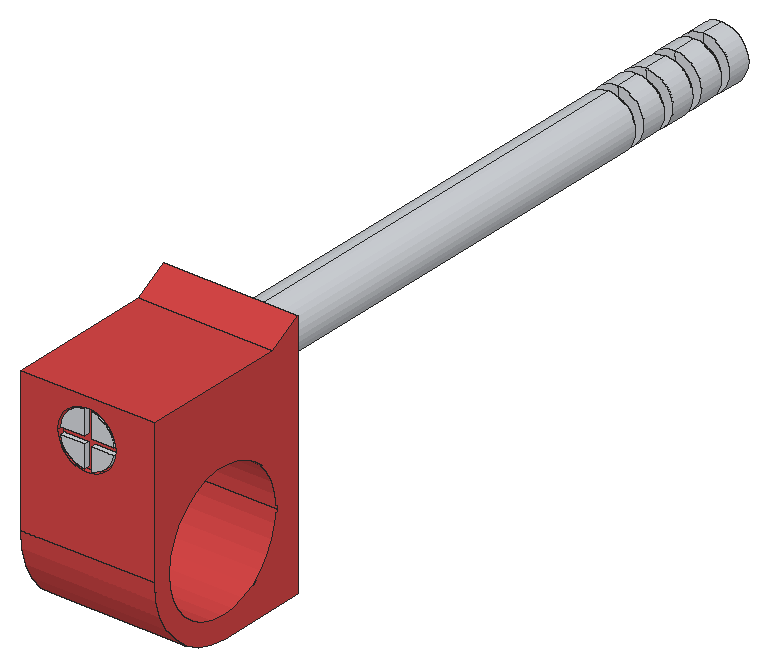
Revit family "PA_SEQ_BuddyBat_15mm", category Pipe Accessories, Revit 2016
Family settings
  Part Type = Normal
  Round Connector Dimension = Use Diameter
  Work Plane-Based = No
  Always vertical = Yes
  Cut with Voids When Loaded = No
  Shared = No
Parameters (values of type "15mm BuddyBats")
  URL for TCP = "http://www.tcpbim.co.za"
  URL = "https://seaqual.co.za/search?type=product&q=15mm+BuddyBats"
  Type Comments = "BuddyBats 15mm"
  Red Plastic = Red Plastic
  Model = "15mm BuddyBats"
  Manufacturer = "Seaqual"
  Made by = "Tolani Civil Projects cc"
  BuddyBat Height = 600 mm
  ASAQS Code = "1.110.95"
Reference planes
  plane 1 "Center (Front/Back)": y = 0
  plane 2: z = 0
  plane 3 "Center (Left/Right)": x = 0
  plane 4: z = 600
  plane 5: x = -7.5
  plane 6: x = 7.5
  plane 7: z = 611.658
  plane 8: y = 70
  plane 9: z = 614.658
  plane 10: z = 608.658
  plane 11: y = 66
  plane 12: y = 62
  plane 13: y = 58
  plane 14: y = 54
  plane 15: y = -19.375
Forms (mm)
  Extrusion 1, solid, material "Red Plastic" <- "Red Plastic"
    sketch origin (0, 0, 0) x (0, 1, 0) y (0, 0, 1)
      loop
        circle (-10.5, 600) r 7.5
      loop
        line (0, 590.107) -> (0, 618) -> (-3.464, 616) -> (-20, 616) -> (-20, 600)
        arc (-20, 600) -> (-17.102, 593.004) -> (-10.107, 590.107) r 9.893
        line (-10.107, 590.107) -> (0, 590.107)
    from -7.5 to 7.5
  Revolve 2, solid
    sketch origin (0, 0, 0) x (0, 1, 0) y (0, 0, 1)
      loop
        line (0, 614.658) -> (0, 611.658) -> (70, 611.658) -> (68.537, 614.658) -> (66, 614.658) -> (66, 613.4) -> (64.742, 614.658) -> (62, 614.658) -> (62, 613.4) -> (60.742, 614.658) -> (58, 614.658) -> (58, 613.4) -> (56.742, 614.658) -> (54, 614.658) -> (54, 613.4) -> (52.742, 614.658) -> (0, 614.658)
      axis (0, 611.658) -> (70, 611.658)
    angle from 0 to 360
  Extrusion 3, void
    sketch origin (0, 0, 0) x (1, 0, 0) y (0, 0, 1)
      loop
        circle (0, 611.658) r 3.256
    from 19.375 to 20
  Extrusion 4, solid
    sketch origin (0, 0, 0) x (1, 0, 0) y (0, 0, 1)
      loop
        arc (-0.294, 614.689) -> (-2.144, 613.821) -> (-3.022, 611.976) r 3.03
        line (-3.022, 611.976) -> (-0.294, 611.976) -> (-0.294, 614.689)
      loop
        arc (0.5, 608.712) -> (2.122, 609.546) -> (2.966, 611.164) r 3.012
        line (2.966, 611.164) -> (0.5, 611.164) -> (0.5, 608.712)
      loop
        line (0.5, 614.66) -> (0.5, 611.976) -> (2.996, 611.976)
        arc (2.996, 611.976) -> (2.202, 613.74) -> (0.5, 614.66) r 3.018
      loop
        arc (-2.998, 611.164) -> (-2.07, 609.471) -> (-0.294, 608.715) r 2.948
        line (-0.294, 608.715) -> (-0.294, 611.164) -> (-2.998, 611.164)
    from 19.375 to 20
Cuts and joins
  Extrusion 3 cuts Extrusion 1
Dimensions and locks
  "BuddyBat Height": plane 4 to plane 2
  locked: plane 1 "Center (Front/Back)" to Extrusion 1 sketch curve at 3
  locked: plane 5 to plane 3 "Center (Left/Right)" at 7.5
  locked: plane 6 to plane 3 "Center (Left/Right)" at 7.5
  Extrusion 1 sketch curve to Extrusion 1 sketch curve to plane 4 to Extrusion 1 sketch curve = 2 mm locked, 16 mm locked, 9.893 mm locked
  plane 1 "Center (Front/Back)" to Extrusion 1 sketch curve to Extrusion 1 sketch curve = 3.464 mm locked, 16.536 mm locked
  locked: plane 8 to Extrusion 1 at 70
  plane 10 to plane 7 to plane 9 = 3 mm locked, 3 mm locked
  Revolve 2 sketch curve to Revolve 2 sketch curve to Revolve 2 sketch curve to Revolve 2 sketch curve to plane 9 = 0 mm locked, 0 mm locked, 0 mm locked, 1.258 mm locked
  plane 15 to Extrusion 1 = 0.625 mm
  locked: plane 7 to plane 4 at 11.658
  aligned and locked: level to plane 2
  aligned and locked: plane 5 to Extrusion 1
  aligned and locked: Extrusion 1 to plane 6
  aligned and locked: plane 9 to Revolve 2 sketch curve
  aligned and locked: plane 1 "Center (Front/Back)" to Revolve 2 sketch curve
  aligned and locked: plane 7 to Revolve 2 sketch curve
  aligned and locked: Revolve 2 sketch curve to plane 9  (x3)
  aligned and locked: Revolve 2 sketch curve to plane 8
  aligned and locked: plane 11 to Revolve 2 sketch curve
  aligned and locked: plane 12 to Revolve 2 sketch curve
  aligned and locked: plane 13 to Revolve 2 sketch curve
  aligned and locked: plane 14 to Revolve 2 sketch curve
  aligned and locked: Revolve 2 sketch curve to plane 7
  aligned and locked: Extrusion 1 to Extrusion 3
  aligned and locked: plane 15 to Extrusion 3
  aligned and locked: plane 15 to Extrusion 4
Automatic sketch dimensions
  Extrusion 1 sketch curve to plane 4 = 0 mm  (x2)
  Extrusion 1 sketch curve to plane 1 "Center (Front/Back)" = 0 mm
  Extrusion 1 sketch curve to Extrusion 1 sketch curve = 0.393 mm
  plane 8 to Revolve 2 sketch curve = 1.463 mm
  Revolve 2 sketch curve to Revolve 2 sketch curve = 1.258 mm  (x4)
  plane 9 to Revolve 2 sketch curve = 0 mm
  plane 1 "Center (Front/Back)" to Revolve 2 sketch curve = 26.139 mm
  Revolve 2 sketch curve to Revolve 2 sketch curve = 27.51 mm
  Extrusion 3 sketch curve to plane 3 "Center (Left/Right)" = 0 mm
  Extrusion 3 sketch curve to plane 7 = 0 mm
  Extrusion 4 sketch curve to Extrusion 4 sketch curve = 0.084 mm  (x2)
  Extrusion 4 sketch curve to Extrusion 4 sketch curve = 0.016 mm
  plane 7 to Extrusion 4 sketch curve = 0.002 mm
  Extrusion 4 sketch curve to plane 3 "Center (Left/Right)" = 0.002 mm
  plane 3 "Center (Left/Right)" to Extrusion 4 sketch curve = 2.996 mm
  Extrusion 4 sketch curve to Extrusion 4 sketch curve = 0.003 mm
  Extrusion 4 sketch curve to plane 3 "Center (Left/Right)" = 0.294 mm  (x2)
  plane 3 "Center (Left/Right)" to Extrusion 4 sketch curve = 0.5 mm  (x2)
  Extrusion 4 sketch curve to plane 7 = 0.318 mm  (x2)
  plane 7 to Extrusion 4 sketch curve = 0.494 mm
  Extrusion 4 sketch curve to Extrusion 4 sketch curve = 0.006 mm
  Extrusion 4 sketch curve to Extrusion 4 sketch curve = 0.508 mm
  Extrusion 4 sketch curve to Extrusion 4 sketch curve = 0.009 mm
  Extrusion 4 sketch curve to Extrusion 4 sketch curve = 2.705 mm
  Extrusion 4 sketch curve to Extrusion 4 sketch curve = 0.024 mm
  Extrusion 4 sketch curve to Extrusion 4 sketch curve = 0.03 mm
  radius of Extrusion 3 sketch curve = 3.256 mm
